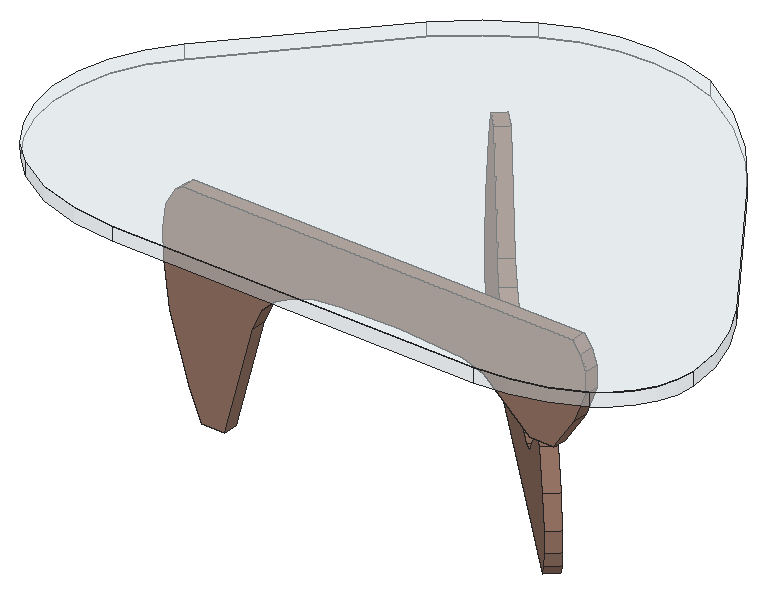
Revit family
Parameters (values of type "15-3/4H 50W 36D")
  Width = 50.000"  # constant formula
  Watermarked By = "http://revitwatermark.com"
  Surface Finish = Herman Miller - Glass 34 Opal Glaze
  Height = 16.000"  # constant formula
  Depth = 36.000"  # constant formula
  URL = "http://www.hermanmiller.com/"
  Product Documentation Link = "http://www.hermanmiller.com/Products/Noguchi-Table"
  Package Qty = 1
  Model = "IN50"
  Manufacturer = "Herman Miller, Inc."  # constant formula
  Description = "Noguchi Table 15-3/4H 50W 36D"
  Copyright © = "Copyright © Herman Miller, Inc."  # constant formula
  Catalog Code = "HMH"
  Catalog = "Herman Miller Collection"  # constant formula
  Base Price [instance] = ""
  Base Finish [instance] = Herman Miller - Veneer 2U Light Brown Walnut
  Assembly Code = "E2020200"
Reference planes (in)
  plane 1 "Bottom": z = 0
  plane 2 "Z Origin": z = 0
  plane 3 "Center (Left/Right)": x = -17.6875
  plane 4 "Center (Front/Back)": y = 2.75
  plane 5 "Top": z = 16
  plane 6 "Surface Bottom": z = 15
Forms (in)
  Sweep 1, solid, material "Herman Miller - Glass 34 Opal Glaze" <- "Surface Finish"
    path origin (0.00956, 2.75865, 0) x (-1, 0, 0) y (0, 0, 1)
      loop
        line (17.6875, 15) -> (17.6875, 16)
    profile origin (-17.67794, 2.75865, 15.5) x (1, 0, 0) y (0, 1, 0)
      loop
        arc (13.13814, 11.7496) -> (9.08917, 16.15872) -> (4.15384, 19.5465) r 26.4984
        arc (4.15384, 19.5465) -> (-1.89118, 20.48657) -> (-7.75246, 18.734) r 13.86717
        arc (-7.75246, 18.734) -> (-10.40082, 16.97844) -> (-12.76806, 14.859) r 21.95558
        line (-12.76806, 14.859) -> (-21.92436, 4.1871)
        arc (-21.92436, 4.1871) -> (-24.70129, -4.30442) -> (-20.43996, -12.1567) r 11.29399
        arc (-20.43996, -12.1567) -> (-16.36645, -14.20807) -> (-11.86186, -14.9223) r 14.80632
        line (-11.86186, -14.9223) -> (14.43504, -14.9223)
        arc (14.43504, -14.9223) -> (18.02093, -14.39026) -> (21.38814, -13.0473) r 15.64693
        arc (21.38814, -13.0473) -> (23.65025, -10.62104) -> (24.52884, -7.4223) r 6.94444
        arc (24.52884, -7.4223) -> (23.69611, -3.67563) -> (21.90384, -0.2817) r 14.40951
        line (21.90384, -0.2817) -> (13.13814, 11.7496)
  Sweep 2, solid, material "Herman Miller - Veneer 2U Light Brown Walnut" <- "Base Finish"
    path origin (0.00956, 0.00865, 0) x (1, 0, 0) y (0, 1, 0)
      loop
        line (-17.6875, -3.6567) -> (-17.6875, -4.6567)
    profile origin (-17.67794, -4.14805, 0) x (1, 0, 0) y (0, 0, 1)
      loop
        line (-12.76806, 15) -> (-13.26806, 14.6563) -> (-14.00246, 13.4688) -> (-14.22126, 11.8125) -> (-14.14306, 9.8906) -> (-13.70556, 6.5938) -> (-12.26806, 2.0625) -> (-11.34626, 0) -> (-9.70556, 0) -> (-7.64306, 7.5) -> (-6.95556, 9) -> (-6.00246, 9.875) -> (-4.81496, 10.4688) -> (-3.14306, 10.9688) -> (-1.33056, 11.1406) -> (3.07564, 11.25) -> (5.87254, 11.1094) -> (7.63814, 11) -> (9.16944, 10.4688) -> (12.49754, 7.5) -> (14.31004, 7.5) -> (15.81004, 9.7188) -> (16.62254, 11.75) -> (16.59134, 13.1875) -> (16.27884, 14.2188) -> (15.66944, 15) -> (-12.76806, 15)
  Sweep 3, solid, material "Herman Miller - Veneer 2U Light Brown Walnut" <- "Base Finish"
    path origin (-9.11836, -10.93467, 0) x (0.707107, -0.707107, 0) y (0.707107, 0.707107, 0)
      loop
        line (-17.6875, 8.72284) -> (-17.6875, 7.72329)
    profile origin (-15.81073, 7.38687, 0) x (0.707107, -0.707107, 0) y (0, 0, 1)
      loop
        line (17.21999, 7.5) -> (15.41906, 7.5) -> (12.08237, 4.5313) -> (10.53564, 4) -> (8.78994, 3.8906) -> (5.98357, 3.75) -> (1.57526, 3.8594) -> (-0.22568, 4.0313) -> (-1.90505, 4.5313) -> (-3.08727, 5.125) -> (-4.04851, 6) -> (-4.73348, 7.5) -> (-6.79958, 15) -> (-8.43476, 15) -> (-9.35181, 12.9375) -> (-10.81022, 8.4063) -> (-11.2301, 5.1094) -> (-11.30738, 3.1875) -> (-11.08641, 1.5313) -> (-10.35724, 0.3438) -> (-9.86001, 0) -> (18.57898, 0) -> (19.1866, 0.7813) -> (19.50699, 1.8125) -> (19.52912, 3.25) -> (18.72259, 5.2813) -> (17.21999, 7.5)
Lines and regions (in)
  Masking region 1
    outline origin (0, 2.75, 0) x (-1, 0, 0) y (0, 0, 1)
      loop
        line (42.42552, 16) -> (-6.85091, 16) -> (-6.85091, 15) -> (42.42552, 15) -> (42.42552, 16)
  Masking region 2
    outline origin (0, 2.75, 0) x (-1, 0, 0) y (0, 0, 1)
      loop
        line (8.5085, 10.4688) -> (10.0398, 11) -> (11.8054, 11.1094) -> (14.6023, 11.25) -> (19.0085, 11.1406) -> (20.821, 10.9688) -> (22.4929, 10.4688) -> (23.6804, 9.875) -> (24.6335, 9) -> (25.321, 7.5) -> (27.3835, 0) -> (29.0242, 0) -> (29.946, 2.0625) -> (31.3835, 6.5938) -> (31.821, 9.8906) -> (31.8992, 11.8125) -> (31.68039, 13.4688) -> (30.946, 14.6563) -> (30.446, 15) -> (2.0085, 15) -> (1.39909, 14.2188) -> (1.0866, 13.1875) -> (1.0554, 11.75) -> (1.86789, 9.7188) -> (3.36789, 7.5) -> (5.1804, 7.5) -> (8.5085, 10.4688)
  Masking region 3
    outline origin (0, 2.75, 0) x (-1, 0, 0) y (0, 0, 1)
      loop
        line (23.8081, 8.4063) -> (23.44731, 9.99155) -> (22.4929, 10.4688) -> (20.821, 10.9688) -> (19.50442, 11.09359) -> (18.80441, 7.5) -> (18.32006, 6) -> (17.64036, 5.125) -> (16.80441, 4.5313) -> (15.61691, 4.0313) -> (14.34346, 3.8594) -> (11.69897, 3.76659) -> (9.9487, 3.8906) -> (8.7143, 4) -> (7.6206, 4.5313) -> (5.2612, 7.5) -> (3.28096, 7.5) -> (2.21846, 5.2813) -> (1.64816, 3.25) -> (1.66381, 1.8125) -> (1.89036, 0.7813) -> (2.32001, 0) -> (23.1362, 0) -> (23.4878, 0.3438) -> (24.0034, 1.5313) -> (24.15965, 3.1875) -> (24.105, 5.1094) -> (23.8081, 8.4063)
  Masking region 4
    outline origin (-17.6875, 3.75, 84) x (0, -1, 0) y (0, 0, 1)
      loop
        line (7.39805, -69) -> (7.39805, -76.5) -> (6.91266, -76.5) -> (4.55326, -79.4687) -> (3.45956, -80) -> (2.22516, -80.1094) -> (0.47489, -80.23341) -> (-2.1696, -80.1406) -> (-3.44305, -79.9687) -> (-4.63055, -79.4687) -> (-5.4665, -78.875) -> (-6.1462, -78) -> (-6.63055, -76.5) -> (-8.0915, -69) -> (-9.95454, -69) -> (-10.60299, -71.0625) -> (-11.63424, -75.5937) -> (-11.93114, -78.8906) -> (-11.98579, -80.8125) -> (-11.82954, -82.4687) -> (-11.31394, -83.6562) -> (-10.96234, -84) -> (9.85385, -84) -> (10.2835, -83.2187) -> (10.51005, -82.1875) -> (10.5257, -80.75) -> (9.9554, -78.7187) -> (8.8929, -76.5) -> (8.39805, -76.5) -> (8.39805, -69) -> (7.39805, -69)
  Masking region 5
    outline origin (0, 0, 0) x (1, 0, 0) y (0, 1, 0)
      loop
        arc (-13.5241, 22.30515) -> (-19.56912, 23.24522) -> (-25.4304, 21.49265) r 13.86717
        arc (-25.4304, 21.49265) -> (-28.07876, 19.73709) -> (-30.446, 17.61765) r 21.95558
        line (-30.446, 17.61765) -> (-39.6023, 6.94575)
        arc (-39.6023, 6.94575) -> (-42.37923, -1.54577) -> (-38.1179, -9.39805) r 11.29399
        arc (-38.1179, -9.39805) -> (-34.04439, -11.44941) -> (-29.5398, -12.16365) r 14.80632
        line (-29.5398, -12.16365) -> (-3.2429, -12.16365)
        arc (-3.2429, -12.16365) -> (0.34299, -11.63161) -> (3.7102, -10.28865) r 15.64693
        arc (3.7102, -10.28865) -> (5.97231, -7.86239) -> (6.85091, -4.66365) r 6.94444
        arc (6.85091, -4.66365) -> (6.01817, -0.91698) -> (4.22591, 2.47695) r 14.40951
        line (4.22591, 2.47695) -> (-4.5398, 14.50825)
        arc (-4.5398, 14.50825) -> (-8.58876, 18.91738) -> (-13.5241, 22.30515) r 26.4984
  symbolic lines, style "Base", detail levels medium+fine
    curve 1: line (-19.5112, 2.75, 7.5) -> (-20.19839, 2.75, 11.02781)
    curve 2: line (-19.02685, 2.75, 6) -> (-19.5112, 2.75, 7.5)
    curve 3: line (-18.34715, 2.75, 5.125) -> (-19.02685, 2.75, 6)
    curve 4: line (-17.5112, 2.75, 4.5313) -> (-18.34715, 2.75, 5.125)
    curve 5: line (-16.3237, 2.75, 4.0313) -> (-17.5112, 2.75, 4.5313)
    curve 6: line (-15.05025, 2.75, 3.8594) -> (-16.3237, 2.75, 4.0313)
    curve 7: line (-11.9331, 2.75, 3.75) -> (-15.05025, 2.75, 3.8594)
    curve 8: line (-11.9331, 2.75, 3.75) -> (-11.22631, 2.75, 3.75)
    curve 9: line (-11.22631, 2.75, 3.75) -> (-9.24191, 2.75, 3.8906)
    curve 10: line (-9.24191, 2.75, 3.8906) -> (-8.00751, 2.75, 4)
    curve 11: line (-8.00751, 2.75, 4) -> (-6.91381, 2.75, 4.5313)
    curve 12: line (-6.91381, 2.75, 4.5313) -> (-4.55441, 2.75, 7.5)
    curve 13: line (-2.92525, 2.75, 5.2813) -> (-3.98775, 2.75, 7.5)
    curve 14: line (-2.35495, 2.75, 3.25) -> (-2.92525, 2.75, 5.2813)
    curve 15: line (-2.3706, 2.75, 1.8125) -> (-2.35495, 2.75, 3.25)
    curve 16: line (-2.59715, 2.75, 0.7813) -> (-2.3706, 2.75, 1.8125)
    curve 17: line (-3.0268, 2.75, 0) -> (-2.59715, 2.75, 0.7813)
    curve 20: line (-17.6875, -3.64805, 7.22142) -> (-17.6875, -1.51005, 4.5313)
    curve 21: line (-17.6875, -1.51005, 4.5313) -> (-17.6875, -0.41635, 4)
    curve 22: line (-17.6875, -0.41635, 4) -> (-17.6875, 0.81805, 3.8906)
    curve 23: line (-17.6875, 0.81805, 3.8906) -> (-17.6875, 2.80245, 3.75)
    curve 24: line (-17.6875, 12.99775, 15) -> (-17.6875, 13.6462, 12.9375)
    curve 25: line (-17.6875, 13.6462, 12.9375) -> (-17.6875, 14.67745, 8.4063)
    curve 26: line (-17.6875, 14.67745, 8.4063) -> (-17.6875, 14.97435, 5.1094)
    curve 27: line (-17.6875, 14.97435, 5.1094) -> (-17.6875, 15.029, 3.1875)
    curve 28: line (-17.6875, 15.029, 3.1875) -> (-17.6875, 14.87275, 1.5313)
    curve 29: line (-17.6875, 14.87275, 1.5313) -> (-17.6875, 14.35715, 0.3438)
    curve 30: line (-17.6875, 14.35715, 0.3438) -> (-17.6875, 14.00555, 0)
    curve 31: line (-17.6875, 2.80245, 3.75) -> (-17.6875, 3.27511, 3.76659)
  symbolic lines, style "Base"
    curve 18: line (-17.6875, -4.64805, 0) -> (-17.6875, -4.64805, 7.5)
    curve 19: line (-17.6875, -3.64805, 0) -> (-17.6875, -3.64805, 7.5)
Dimensions and locks (in)
  locked: plane 5 "Top" to plane 6 "Surface Bottom" at 1
  "Height": plane 5 "Top" to level
  aligned and locked: plane 1 "Bottom" to plane 2 "Z Origin"
  aligned and locked: Masking region 1 sketch curve to Sweep 1  (x3)
  aligned and locked: Masking region 4 sketch curve to Sweep 2  (x3)
  aligned and locked: Sweep 2 to Masking region 4 sketch curve
  aligned and locked: curve 18 to Sweep 2
  aligned and locked: curve 19 to Sweep 2
Automatic sketch dimensions
  Sweep 1 sketch curve to plane 5 "Top" = 0.000"
  Sweep 1 sketch curve to plane 6 "Surface Bottom" = 0.000"
  Sweep 1 sketch curve to plane 3 "Center (Left/Right)" = 0.00956"
  profile plane to Sweep 1 sketch curve = 4.1871"
  profile plane to Sweep 1 sketch curve = 21.92436"
  Sweep 1 sketch curve to profile plane = 12.1567"
  Sweep 1 sketch curve to Sweep 1 sketch curve = 1.4844"
  Sweep 1 sketch curve to profile plane = 3.28287"
  profile plane to Sweep 1 sketch curve = 12.76806"
  Sweep 1 sketch curve to Sweep 1 sketch curve = 8.5781"
  Sweep 1 sketch curve to profile plane = 0.11603"
  Sweep 1 sketch curve to Sweep 1 sketch curve = 1.63044"
  Sweep 1 sketch curve to Sweep 1 sketch curve = 3.54435"
  Sweep 1 sketch curve to Sweep 1 sketch curve = 5.0156"
  Sweep 1 sketch curve to Sweep 1 sketch curve = 0.000"
  profile plane to Sweep 1 sketch curve = 0.94706"
  Sweep 1 sketch curve to profile plane = 0.39584"
  Sweep 1 sketch curve to profile plane = 3.02237"
  Sweep 1 sketch curve to profile plane = 4.15384"
  Sweep 1 sketch curve to profile plane = 10.17152"
  Sweep 1 sketch curve to Sweep 1 sketch curve = 8.9843"
  profile plane to Sweep 1 sketch curve = 0.71702"
  Sweep 1 sketch curve to Sweep 1 sketch curve = 3.77552"
  Sweep 1 sketch curve to Sweep 1 sketch curve = 4.26352"
  Sweep 1 sketch curve to Sweep 1 sketch curve = 7.41539"
  Sweep 1 sketch curve to Sweep 1 sketch curve = 3.80123"
  Sweep 1 sketch curve to profile plane = 0.2817"
  Sweep 1 sketch curve to Sweep 1 sketch curve = 7.9568"
  Sweep 1 sketch curve to Sweep 1 sketch curve = 3.1407"
  Sweep 1 sketch curve to Sweep 1 sketch curve = 6.27481"
  Sweep 1 sketch curve to profile plane = 3.85424"
  profile plane to Sweep 1 sketch curve = 6.65157"
  Sweep 2 sketch curve to plane 3 "Center (Left/Right)" = 0.00956"
  Sweep 2 sketch curve to plane 4 "Center (Front/Back)" = 7.39805"
  Sweep 2 sketch curve to Sweep 2 sketch curve = 1.000"
  Sweep 2 sketch curve to level = 0.000"
  profile plane to Sweep 2 sketch curve = 14.22126"
  Sweep 2 sketch curve to Sweep 2 sketch curve = 0.0782"
  Sweep 2 sketch curve to Sweep 2 sketch curve = 0.2188"
  level to Sweep 2 sketch curve = 6.5938"
  Sweep 2 sketch curve to Sweep 2 sketch curve = 0.4375"
  Sweep 2 sketch curve to Sweep 2 sketch curve = 0.7344"
  Sweep 2 sketch curve to Sweep 2 sketch curve = 0.500"  (x2)
  level to Sweep 2 sketch curve = 2.0625"
  Sweep 2 sketch curve to Sweep 2 sketch curve = 1.4375"  (x2)
  Sweep 2 sketch curve to Sweep 2 sketch curve = 0.9218"
  Sweep 2 sketch curve to Sweep 2 sketch curve = 1.6407"
  Sweep 2 sketch curve to Sweep 2 sketch curve = 6.0625"
  Sweep 2 sketch curve to Sweep 2 sketch curve = 0.6875"
  Sweep 2 sketch curve to Sweep 2 sketch curve = 0.9531"
  Sweep 2 sketch curve to Sweep 2 sketch curve = 1.1875"  (x2)
  Sweep 2 sketch curve to Sweep 2 sketch curve = 1.6719"
  profile plane to Sweep 2 sketch curve = 1.33056"
  Sweep 2 sketch curve to profile plane = 3.07564"
  Sweep 2 sketch curve to Sweep 2 sketch curve = 2.7969"
  Sweep 2 sketch curve to Sweep 2 sketch curve = 1.7656"
  Sweep 2 sketch curve to Sweep 2 sketch curve = 1.5313"
  Sweep 2 sketch curve to Sweep 2 sketch curve = 3.3281"
  Sweep 2 sketch curve to Sweep 2 sketch curve = 1.8125"
  Sweep 2 sketch curve to Sweep 2 sketch curve = 1.3594"
  Sweep 2 sketch curve to Sweep 2 sketch curve = 1.500"  (x2)
  Sweep 2 sketch curve to Sweep 2 sketch curve = 0.6094"
  Sweep 2 sketch curve to Sweep 2 sketch curve = 0.3125"
  Sweep 2 sketch curve to Sweep 2 sketch curve = 0.0312"
  level to Sweep 2 sketch curve = 7.500"
  Sweep 2 sketch curve to Sweep 2 sketch curve = 0.9062"
  Sweep 2 sketch curve to Sweep 2 sketch curve = 2.2188"
  Sweep 2 sketch curve to Sweep 2 sketch curve = 0.875"
  Sweep 2 sketch curve to Sweep 2 sketch curve = 3.2968"
  Sweep 2 sketch curve to Sweep 2 sketch curve = 0.5938"
  Sweep 2 sketch curve to Sweep 2 sketch curve = 2.9688"
  Sweep 2 sketch curve to Sweep 2 sketch curve = 0.5312"
  Sweep 2 sketch curve to Sweep 2 sketch curve = 0.1094"
  Sweep 2 sketch curve to Sweep 2 sketch curve = 0.1718"
  Sweep 2 sketch curve to Sweep 2 sketch curve = 0.1406"
  Sweep 2 sketch curve to Sweep 2 sketch curve = 2.0312"
  Sweep 2 sketch curve to Sweep 2 sketch curve = 1.9219"
  Sweep 2 sketch curve to Sweep 2 sketch curve = 1.6563"
  Sweep 2 sketch curve to Sweep 2 sketch curve = 1.0313"
  Sweep 2 sketch curve to Sweep 2 sketch curve = 0.7812"
  Sweep 3 sketch curve to plane 3 "Center (Left/Right)" = 1.52338"
  plane 4 "Center (Front/Back)" to Sweep 3 sketch curve = 4.28347"
  Sweep 3 sketch curve to Sweep 3 sketch curve = 0.99955"
  Sweep 3 sketch curve to level = 0.000"
  level to Sweep 3 sketch curve = 3.1875"
  profile plane to Sweep 3 sketch curve = 11.30738"
  level to Sweep 3 sketch curve = 5.1094"
  Sweep 3 sketch curve to Sweep 3 sketch curve = 0.07729"
  level to Sweep 3 sketch curve = 1.5313"
  Sweep 3 sketch curve to Sweep 3 sketch curve = 0.22097"
  Sweep 3 sketch curve to Sweep 3 sketch curve = 0.41988"
  level to Sweep 3 sketch curve = 0.3438"
  Sweep 3 sketch curve to Sweep 3 sketch curve = 0.72917"
  Sweep 3 sketch curve to Sweep 3 sketch curve = 0.49724"
  Sweep 3 sketch curve to Sweep 3 sketch curve = 1.45841"
  Sweep 3 sketch curve to Sweep 3 sketch curve = 0.91705"
  Sweep 3 sketch curve to Sweep 3 sketch curve = 1.63518"
  profile plane to Sweep 3 sketch curve = 4.73348"
  Sweep 3 sketch curve to Sweep 3 sketch curve = 0.68497"
  Sweep 3 sketch curve to Sweep 3 sketch curve = 0.96124"
  Sweep 3 sketch curve to Sweep 3 sketch curve = 1.18221"
  profile plane to Sweep 3 sketch curve = 0.22568"
  Sweep 3 sketch curve to profile plane = 1.57526"
  Sweep 3 sketch curve to Sweep 3 sketch curve = 4.40832"
  level to Sweep 3 sketch curve = 3.8906"
  Sweep 3 sketch curve to Sweep 3 sketch curve = 2.80637"
  level to Sweep 3 sketch curve = 4.000"
  Sweep 3 sketch curve to Sweep 3 sketch curve = 1.74571"
  level to Sweep 3 sketch curve = 4.5313"
  Sweep 3 sketch curve to Sweep 3 sketch curve = 1.54673"
  level to Sweep 3 sketch curve = 7.500"
  Sweep 3 sketch curve to Sweep 3 sketch curve = 3.3367"
  Sweep 3 sketch curve to Sweep 3 sketch curve = 1.80093"
  Sweep 3 sketch curve to Sweep 3 sketch curve = 1.35899"
  level to Sweep 3 sketch curve = 5.2813"
  Sweep 3 sketch curve to Sweep 3 sketch curve = 1.5026"
  level to Sweep 3 sketch curve = 0.7813"
  Sweep 3 sketch curve to Sweep 3 sketch curve = 0.60762"
  level to Sweep 3 sketch curve = 1.8125"
  Sweep 3 sketch curve to Sweep 3 sketch curve = 0.32039"
  level to Sweep 3 sketch curve = 3.250"
  Sweep 3 sketch curve to Sweep 3 sketch curve = 0.02213"
  Sweep 3 sketch curve to Sweep 3 sketch curve = 0.1406"
  level to Sweep 3 sketch curve = 3.8594"
  Sweep 3 sketch curve to Sweep 3 sketch curve = 0.1719"
  Sweep 3 sketch curve to Sweep 3 sketch curve = 0.500"
  Sweep 3 sketch curve to Sweep 3 sketch curve = 0.5937"
  Sweep 3 sketch curve to Sweep 3 sketch curve = 0.875"
  Sweep 3 sketch curve to Sweep 3 sketch curve = 1.500"
  Sweep 3 sketch curve to Sweep 3 sketch curve = 3.2969"
  Sweep 3 sketch curve to Sweep 3 sketch curve = 4.5312"
  Sweep 3 sketch curve to Sweep 3 sketch curve = 2.0625"
  plane 3 "Center (Left/Right)" to Masking region 1 sketch curve = 24.73802"
  Masking region 2 sketch curve to level = 0.000"
  Masking region 2 sketch curve to plane 6 "Surface Bottom" = 3.250"
  Masking region 2 sketch curve to plane 3 "Center (Left/Right)" = 16.6321"
  Masking region 2 sketch curve to plane 6 "Surface Bottom" = 1.8125"
  Masking region 2 sketch curve to Masking region 2 sketch curve = 0.0312"
  Masking region 2 sketch curve to plane 6 "Surface Bottom" = 0.7812"
  Masking region 2 sketch curve to Masking region 2 sketch curve = 0.3125"
  Masking region 2 sketch curve to plane 6 "Surface Bottom" = 5.2812"
  Masking region 2 sketch curve to Masking region 2 sketch curve = 0.8125"
  plane 6 "Surface Bottom" to Masking region 2 sketch curve = 0.000"
  Masking region 2 sketch curve to Masking region 2 sketch curve = 0.6094"
  Masking region 2 sketch curve to Masking region 2 sketch curve = 1.500"  (x2)
  Masking region 2 sketch curve to Masking region 2 sketch curve = 1.8125"  (x2)
  Masking region 2 sketch curve to plane 6 "Surface Bottom" = 4.5312"
  Masking region 2 sketch curve to Masking region 2 sketch curve = 3.3281"
  Masking region 2 sketch curve to Masking region 2 sketch curve = 1.5313"
  Masking region 2 sketch curve to Masking region 2 sketch curve = 1.7656"
  Masking region 2 sketch curve to Masking region 2 sketch curve = 2.7969"
  plane 3 "Center (Left/Right)" to Masking region 2 sketch curve = 1.321"
  Masking region 2 sketch curve to Masking region 2 sketch curve = 1.6719"
  Masking region 2 sketch curve to Masking region 2 sketch curve = 1.1875"
  Masking region 2 sketch curve to Masking region 2 sketch curve = 0.9531"
  Masking region 2 sketch curve to Masking region 2 sketch curve = 0.6875"
  Masking region 2 sketch curve to Masking region 2 sketch curve = 2.0625"
  Masking region 2 sketch curve to Masking region 2 sketch curve = 1.6407"
  level to Masking region 2 sketch curve = 2.0625"
  Masking region 2 sketch curve to Masking region 2 sketch curve = 0.9218"
  Masking region 2 sketch curve to Masking region 2 sketch curve = 5.8125"
  Masking region 2 sketch curve to plane 6 "Surface Bottom" = 0.3437"
  Masking region 2 sketch curve to Masking region 2 sketch curve = 0.500"  (x2)
  level to Masking region 2 sketch curve = 6.5938"
  Masking region 2 sketch curve to Masking region 2 sketch curve = 1.4375"
  Masking region 2 sketch curve to plane 6 "Surface Bottom" = 1.5312"
  Masking region 2 sketch curve to Masking region 2 sketch curve = 0.7344"
  Masking region 2 sketch curve to plane 6 "Surface Bottom" = 5.1094"
  Masking region 2 sketch curve to Masking region 2 sketch curve = 0.4375"
  Masking region 2 sketch curve to plane 6 "Surface Bottom" = 3.1875"
  Masking region 2 sketch curve to Masking region 2 sketch curve = 0.2188"
  Masking region 2 sketch curve to Masking region 2 sketch curve = 2.2188"
  Masking region 2 sketch curve to Masking region 2 sketch curve = 0.9062"
  Masking region 2 sketch curve to Masking region 2 sketch curve = 0.875"
  Masking region 2 sketch curve to Masking region 2 sketch curve = 0.5938"
  Masking region 2 sketch curve to Masking region 2 sketch curve = 0.5312"
  Masking region 2 sketch curve to Masking region 2 sketch curve = 0.1094"
  Masking region 2 sketch curve to Masking region 2 sketch curve = 0.1718"
  Masking region 2 sketch curve to Masking region 2 sketch curve = 0.1406"
  level to Masking region 3 sketch curve = 4.5313"
  Masking region 3 sketch curve to Masking region 3 sketch curve = 2.3594"
  level to Masking region 3 sketch curve = 4.000"
  Masking region 3 sketch curve to Masking region 3 sketch curve = 1.0937"
  Masking region 3 sketch curve to Masking region 3 sketch curve = 1.2344"
  Masking region 3 sketch curve to Masking region 3 sketch curve = 1.75027"
  plane 3 "Center (Left/Right)" to Masking region 3 sketch curve = 5.4487"
  level to Masking region 3 sketch curve = 0.3438"
  Masking region 3 sketch curve to Masking region 3 sketch curve = 0.3516"
  level to Masking region 3 sketch curve = 1.5313"
  Masking region 3 sketch curve to Masking region 3 sketch curve = 0.5156"
  Masking region 3 sketch curve to Masking region 3 sketch curve = 0.2969"
  level to Masking region 3 sketch curve = 3.1875"
  Masking region 3 sketch curve to Masking region 3 sketch curve = 0.15625"
  Masking region 3 sketch curve to Masking region 3 sketch curve = 0.23341"
  Masking region 3 sketch curve to Masking region 3 sketch curve = 0.1094"
  Masking region 3 sketch curve to Masking region 3 sketch curve = 1.9219"
  Masking region 3 sketch curve to Masking region 3 sketch curve = 3.2969"
  level to Masking region 3 sketch curve = 5.2813"
  level to Masking region 3 sketch curve = 3.250"
  level to Masking region 3 sketch curve = 1.8125"
  level to Masking region 3 sketch curve = 0.7813"
  Masking region 3 sketch curve to level = 0.000"
  plane 3 "Center (Left/Right)" to Masking region 3 sketch curve = 0.63256"
  Masking region 3 sketch curve to plane 3 "Center (Left/Right)" = 0.04714"
  Masking region 3 sketch curve to Masking region 3 sketch curve = 1.6719"
  Masking region 3 sketch curve to Masking region 3 sketch curve = 2.0625"
  Masking region 3 sketch curve to Masking region 3 sketch curve = 0.500"  (x2)
  Masking region 3 sketch curve to Masking region 3 sketch curve = 0.12479"
  Masking region 3 sketch curve to Masking region 3 sketch curve = 0.95442"
  Masking region 3 sketch curve to Masking region 3 sketch curve = 0.47725"
  plane 3 "Center (Left/Right)" to Masking region 3 sketch curve = 1.81692"
  Masking region 3 sketch curve to Masking region 3 sketch curve = 1.31658"
  plane 3 "Center (Left/Right)" to Masking region 3 sketch curve = 1.11691"
  Masking region 3 sketch curve to Masking region 3 sketch curve = 0.36079"
  Masking region 3 sketch curve to Masking region 3 sketch curve = 1.500"
  Masking region 3 sketch curve to Masking region 3 sketch curve = 0.875"
  Masking region 3 sketch curve to Masking region 3 sketch curve = 0.5937"
  Masking region 3 sketch curve to Masking region 3 sketch curve = 2.64449"
  Masking region 3 sketch curve to plane 3 "Center (Left/Right)" = 0.88309"
  Masking region 3 sketch curve to Masking region 3 sketch curve = 0.09281"
  Masking region 3 sketch curve to Masking region 3 sketch curve = 1.27345"
  Masking region 3 sketch curve to Masking region 3 sketch curve = 0.1719"
  Masking region 3 sketch curve to Masking region 3 sketch curve = 1.98024"
  Masking region 3 sketch curve to Masking region 3 sketch curve = 1.0625"
  Masking region 3 sketch curve to Masking region 3 sketch curve = 2.2187"
  Masking region 3 sketch curve to Masking region 3 sketch curve = 1.1875"
  Masking region 3 sketch curve to Masking region 3 sketch curve = 0.10155"
  Masking region 3 sketch curve to Masking region 3 sketch curve = 0.01565"
  Masking region 3 sketch curve to Masking region 3 sketch curve = 0.42965"
  Masking region 3 sketch curve to Masking region 3 sketch curve = 0.22655"
  plane 3 "Center (Left/Right)" to curve 2 = 1.33935"
  curve 2 to curve 2 = 0.48435"
  curve 1 to plane 6 "Surface Bottom" = 3.97219"
  plane 3 "Center (Left/Right)" to curve 1 = 2.51089"
  curve 1 to plane 6 "Surface Bottom" = 7.500"
  curve 2 to curve 1 = 1.500"
  plane 3 "Center (Left/Right)" to curve 3 = 0.65965"
  curve 3 to curve 2 = 0.875"
  curve 4 to plane 3 "Center (Left/Right)" = 0.1763"
  curve 4 to curve 3 = 0.5937"
  curve 5 to curve 5 = 1.1875"
  curve 5 to curve 5 = 0.500"
  curve 6 to curve 5 = 1.27345"
  curve 6 to curve 5 = 0.1719"
  curve 7 to curve 6 = 3.11715"
  curve 7 to curve 6 = 0.1094"
  curve 8 to curve 8 = 0.70679"
  level to curve 9 = 3.8906"
  curve 9 to curve 9 = 1.9844"
  level to curve 10 = 4.000"
  curve 10 to curve 9 = 1.2344"
  level to curve 11 = 4.5313"
  curve 11 to curve 10 = 1.0937"
  curve 12 to curve 11 = 2.3594"
  curve 11 to curve 12 = 2.9687"
  curve 13 to curve 12 = 0.56666"
  level to curve 14 = 5.2813"
  curve 14 to curve 13 = 1.0625"
  level to curve 14 = 3.250"
  curve 14 to curve 14 = 0.5703"
  curve 13 to curve 12 = 0.000"
  level to curve 15 = 1.8125"
  curve 14 to curve 15 = 0.01565"
  level to curve 16 = 0.7813"
  curve 15 to curve 16 = 0.22655"
  curve 17 to level = 0.000"
  curve 16 to curve 17 = 0.42965"
  Masking region 4 sketch curve to plane 4 "Center (Front/Back)" = 3.55326"
  Masking region 4 sketch curve to Masking region 4 sketch curve = 1.0937"
  Masking region 4 sketch curve to plane 4 "Center (Front/Back)" = 1.22516"
  Masking region 4 sketch curve to Masking region 4 sketch curve = 1.86304"
  Masking region 4 sketch curve to plane 6 "Surface Bottom" = 2.0625"
  Masking region 4 sketch curve to Masking region 4 sketch curve = 0.64845"
  level to Masking region 4 sketch curve = 0.3438"
  level to Masking region 4 sketch curve = 1.5313"
  Masking region 4 sketch curve to Masking region 4 sketch curve = 0.5156"
  level to Masking region 4 sketch curve = 5.1094"
  Masking region 4 sketch curve to Masking region 4 sketch curve = 0.2969"
  level to Masking region 4 sketch curve = 3.1875"
  Masking region 4 sketch curve to Masking region 4 sketch curve = 0.15625"
  Masking region 4 sketch curve to Masking region 4 sketch curve = 1.98024"
  level to Masking region 4 sketch curve = 3.76659"
  Masking region 4 sketch curve to Masking region 4 sketch curve = 0.12401"
  Masking region 4 sketch curve to Masking region 4 sketch curve = 0.1094"
  Masking region 4 sketch curve to Masking region 4 sketch curve = 0.5313"
  Masking region 4 sketch curve to Masking region 4 sketch curve = 3.2969"
  plane 4 "Center (Front/Back)" to Masking region 4 sketch curve = 0.52511"
  level to Masking region 4 sketch curve = 3.250"
  level to Masking region 4 sketch curve = 1.8125"
  level to Masking region 4 sketch curve = 0.7813"
  Masking region 4 sketch curve to Masking region 4 sketch curve = 2.4558"
  Masking region 4 sketch curve to Masking region 4 sketch curve = 0.000"
  Masking region 4 sketch curve to Masking region 4 sketch curve = 0.05465"
  Masking region 4 sketch curve to Masking region 4 sketch curve = 1.03125"
  plane 6 "Surface Bottom" to Masking region 4 sketch curve = 0.000"
  Masking region 4 sketch curve to Masking region 4 sketch curve = 1.46095"
  Masking region 4 sketch curve to Masking region 4 sketch curve = 1.500"
  Masking region 4 sketch curve to Masking region 4 sketch curve = 0.6797"
  Masking region 4 sketch curve to Masking region 4 sketch curve = 0.48435"
  Masking region 4 sketch curve to Masking region 4 sketch curve = 0.875"
  Masking region 4 sketch curve to Masking region 4 sketch curve = 0.83595"
  Masking region 4 sketch curve to Masking region 4 sketch curve = 0.5937"
  Masking region 4 sketch curve to Masking region 4 sketch curve = 1.1875"
  Masking region 4 sketch curve to Masking region 4 sketch curve = 0.500"
  Masking region 4 sketch curve to Masking region 4 sketch curve = 2.64449"
  Masking region 4 sketch curve to Masking region 4 sketch curve = 1.27345"
  Masking region 4 sketch curve to Masking region 4 sketch curve = 0.09281"
  Masking region 4 sketch curve to Masking region 4 sketch curve = 0.1719"
  Masking region 4 sketch curve to Masking region 4 sketch curve = 0.48538"
  Masking region 4 sketch curve to Masking region 4 sketch curve = 2.2187"
  Masking region 4 sketch curve to Masking region 4 sketch curve = 1.0625"
  Masking region 4 sketch curve to Masking region 4 sketch curve = 0.01565"
  Masking region 4 sketch curve to Masking region 4 sketch curve = 2.0313"
  Masking region 4 sketch curve to Masking region 4 sketch curve = 0.22655"
  Masking region 4 sketch curve to Masking region 4 sketch curve = 0.3516"
  Masking region 4 sketch curve to Masking region 4 sketch curve = 0.42965"
  curve 30 to level = 0.000"
  curve 19 to level = 0.000"
  curve 18 to level = 0.000"
  curve 21 to curve 19 = 2.138"
  curve 22 to curve 20 = 1.0937"
  curve 23 to curve 21 = 1.2344"
  plane 4 "Center (Front/Back)" to curve 23 = 0.05245"
  curve 31 to curve 23 = 0.47266"
  plane 6 "Surface Bottom" to curve 24 = 0.000"
  plane 4 "Center (Front/Back)" to curve 24 = 10.24775"
  curve 24 to plane 6 "Surface Bottom" = 2.0625"
  curve 24 to curve 24 = 0.64845"
  plane 4 "Center (Front/Back)" to curve 30 = 11.25555"
  level to curve 29 = 0.3438"
  curve 29 to curve 30 = 0.3516"
  curve 25 to curve 24 = 1.03125"
  level to curve 29 = 1.5313"
  curve 29 to curve 29 = 0.5156"
  level to curve 27 = 5.1094"
  curve 27 to curve 25 = 0.2969"
  level to curve 28 = 3.1875"
  curve 28 to curve 28 = 0.15625"
  curve 19 to curve 20 = 0.000"
  level to curve 23 = 3.750"
  curve 23 to curve 31 = 0.01659"
  curve 23 to curve 23 = 0.1406"
  curve 22 to curve 21 = 0.1094"
  curve 21 to curve 20 = 0.5313"
  curve 20 to curve 19 = 2.9687"
  curve 19 to curve 18 = 0.000"
  curve 20 to curve 19 = 0.27858"
  curve 26 to curve 25 = 3.2969"
  plane 4 "Center (Front/Back)" to Masking region 5 sketch curve = 4.19575"
  plane 3 "Center (Left/Right)" to Masking region 5 sketch curve = 21.9148"
  Masking region 5 sketch curve to plane 4 "Center (Front/Back)" = 12.14805"
  Masking region 5 sketch curve to Masking region 5 sketch curve = 1.4844"
  Masking region 5 sketch curve to plane 4 "Center (Front/Back)" = 3.27421"
  plane 3 "Center (Left/Right)" to Masking region 5 sketch curve = 12.7585"
  Masking region 5 sketch curve to Masking region 5 sketch curve = 8.5781"
  Masking region 5 sketch curve to plane 4 "Center (Front/Back)" = 0.10738"
  Masking region 5 sketch curve to Masking region 5 sketch curve = 1.63044"
  Masking region 5 sketch curve to Masking region 5 sketch curve = 3.54435"
  Masking region 5 sketch curve to Masking region 5 sketch curve = 5.0156"
  Masking region 5 sketch curve to Masking region 5 sketch curve = 0.000"
  plane 3 "Center (Left/Right)" to Masking region 5 sketch curve = 0.9375"
  Masking region 5 sketch curve to plane 4 "Center (Front/Back)" = 0.38718"
  Masking region 5 sketch curve to plane 3 "Center (Left/Right)" = 3.03193"
  Masking region 5 sketch curve to plane 3 "Center (Left/Right)" = 4.1634"
  Masking region 5 sketch curve to plane 3 "Center (Left/Right)" = 10.18108"
  Masking region 5 sketch curve to Masking region 5 sketch curve = 8.9843"
  plane 4 "Center (Front/Back)" to Masking region 5 sketch curve = 0.72567"
  Masking region 5 sketch curve to Masking region 5 sketch curve = 3.77552"
  Masking region 5 sketch curve to Masking region 5 sketch curve = 4.26352"
  Masking region 5 sketch curve to Masking region 5 sketch curve = 7.41539"
  Masking region 5 sketch curve to Masking region 5 sketch curve = 3.80123"
  Masking region 5 sketch curve to plane 4 "Center (Front/Back)" = 0.27305"
  Masking region 5 sketch curve to Masking region 5 sketch curve = 7.9568"
  Masking region 5 sketch curve to Masking region 5 sketch curve = 3.1407"
  Masking region 5 sketch curve to Masking region 5 sketch curve = 6.27481"
  Masking region 5 sketch curve to plane 4 "Center (Front/Back)" = 3.84559"
  plane 4 "Center (Front/Back)" to Masking region 5 sketch curve = 6.66022"
